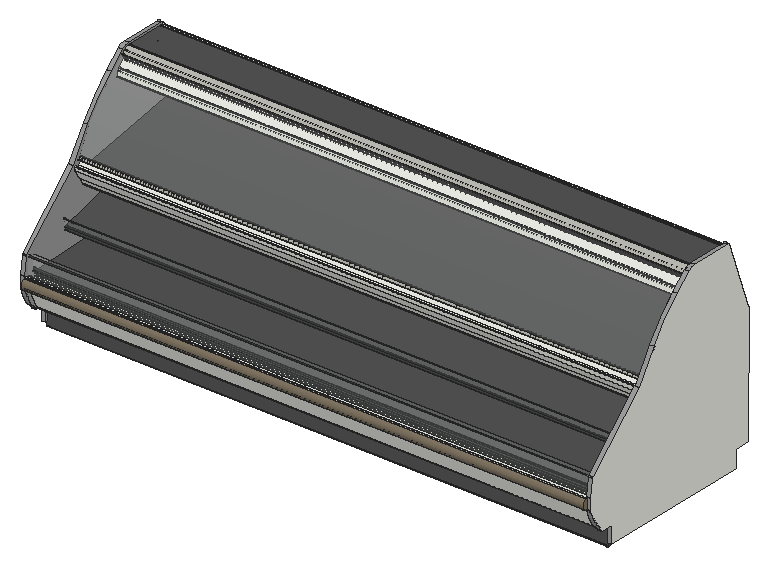
Revit family "CR3-M_2014", category Specialty Equipment, Revit 2014 (continued)
Automatic sketch dimensions
  Extrusion 4 sketch curve to Extrusion 4 sketch curve = 0.094"
  plane 1 "Back" to Extrusion 4 sketch curve = 5.35709"
  plane 3 "Top" to Extrusion 4 sketch curve = 2.81137"
  Extrusion 4 sketch curve to Extrusion 4 sketch curve = 0.05499"
  Extrusion 4 sketch curve to Extrusion 4 sketch curve = 0.30164"
  Extrusion 4 sketch curve to Extrusion 4 sketch curve = 0.16454"
  Extrusion 4 sketch curve to Extrusion 4 sketch curve = 0.02668"  (x3)
  plane 3 "Top" to Extrusion 4 sketch curve = 0.09328"
  Extrusion 4 sketch curve to Extrusion 4 sketch curve = 0.94638"
  Extrusion 4 sketch curve to plane 3 "Top" = 0.10543"
  Extrusion 4 sketch curve to Extrusion 4 sketch curve = 0.28379"
  plane 3 "Top" to Extrusion 4 sketch curve = 3.43393"  (x2)
  Extrusion 4 sketch curve to Extrusion 4 sketch curve = 1.28523"
  Extrusion 4 sketch curve to plane 3 "Top" = 0.01343"
  Extrusion 4 sketch curve to Extrusion 4 sketch curve = 0.58404"
  Extrusion 4 sketch curve to Extrusion 4 sketch curve = 0.36"
  Extrusion 4 sketch curve to Extrusion 4 sketch curve = 0.078"
  Extrusion 4 sketch curve to Extrusion 4 sketch curve = 0.99303"
  Extrusion 4 sketch curve to Extrusion 4 sketch curve = 0.10921"
  plane 3 "Top" to Extrusion 4 sketch curve = 3.03274"
  Extrusion 4 sketch curve to Extrusion 4 sketch curve = 0.0733"  (x4)
  plane 3 "Top" to Extrusion 4 sketch curve = 2.99773"
  Extrusion 4 sketch curve to Extrusion 4 sketch curve = 0.12674"
  plane 3 "Top" to Extrusion 4 sketch curve = 3.07661"
  Extrusion 4 sketch curve to Extrusion 4 sketch curve = 0.00383"
  plane 3 "Top" to Extrusion 4 sketch curve = 2.99595"
  Extrusion 4 sketch curve to Extrusion 4 sketch curve = 0.13143"
  Extrusion 4 sketch curve to Extrusion 4 sketch curve = 0.16815"
  plane 3 "Top" to Extrusion 4 sketch curve = 3.45906"
  Extrusion 4 sketch curve to Extrusion 4 sketch curve = 0.09297"
  Extrusion 4 sketch curve to Extrusion 4 sketch curve = 0.21505"
  Extrusion 4 sketch curve to Extrusion 4 sketch curve = 0.57523"
  plane 3 "Top" to Extrusion 4 sketch curve = 5.61685"
  Extrusion 4 sketch curve to Extrusion 4 sketch curve = 0.07283"
  Extrusion 4 sketch curve to Extrusion 4 sketch curve = 0.39425"
  Extrusion 4 sketch curve to Extrusion 4 sketch curve = 0.25315"
  Extrusion 4 sketch curve to Extrusion 4 sketch curve = 1.4963"
  Extrusion 4 sketch curve to Extrusion 4 sketch curve = 10.83904"
  Extrusion 4 sketch curve to Extrusion 4 sketch curve = 5.63256"
  plane 3 "Top" to Extrusion 4 sketch curve = 6.64353"
  Extrusion 4 sketch curve to Extrusion 4 sketch curve = 0.39943"
  plane 3 "Top" to Extrusion 4 sketch curve = 0.34572"
  Extrusion 4 sketch curve to Extrusion 4 sketch curve = 1.07272"
  plane 3 "Top" to Extrusion 4 sketch curve = 5.63104"
  Extrusion 4 sketch curve to Extrusion 4 sketch curve = 1.75628"
  Extrusion 4 sketch curve to Extrusion 4 sketch curve = 0.96014"
  plane 3 "Top" to Extrusion 4 sketch curve = 5.09665"
  Extrusion 4 sketch curve to Extrusion 4 sketch curve = 0.31787"
  Extrusion 4 sketch curve to Extrusion 4 sketch curve = 0.08586"
  Extrusion 4 sketch curve to Extrusion 4 sketch curve = 0.09299"
  Extrusion 4 sketch curve to Extrusion 4 sketch curve = 0.34287"
  plane 3 "Top" to Extrusion 4 sketch curve = 2.8629"
  Extrusion 4 sketch curve to Extrusion 4 sketch curve = 0.00169"
  Extrusion 4 sketch curve to Extrusion 4 sketch curve = 3.46413"
  Extrusion 4 sketch curve to Extrusion 4 sketch curve = 0.1985"
  Extrusion 4 sketch curve to Extrusion 4 sketch curve = 0.39567"
  Extrusion 4 sketch curve to Extrusion 4 sketch curve = 0.02615"
  Extrusion 4 sketch curve to Extrusion 4 sketch curve = 0.09454"
  Extrusion 4 sketch curve to Extrusion 4 sketch curve = 0.9635"
  Extrusion 4 sketch curve to Extrusion 4 sketch curve = 0.55307"
  Extrusion 4 sketch curve to Extrusion 4 sketch curve = 0.22491"
  level to Extrusion 4 sketch curve = 7.60758"
  Extrusion 4 sketch curve to Extrusion 4 sketch curve = 1.08831"
  Extrusion 4 sketch curve to Extrusion 4 sketch curve = 0.96365"
  plane 3 "Top" to Extrusion 4 sketch curve = 3.963"
  Extrusion 4 sketch curve to Extrusion 4 sketch curve = 0.66947"
  Extrusion 4 sketch curve to Extrusion 4 sketch curve = 0.29278"
  Extrusion 4 sketch curve to Extrusion 4 sketch curve = 0.03128"
  plane 3 "Top" to Extrusion 4 sketch curve = 3.8676"
  Extrusion 4 sketch curve to Extrusion 4 sketch curve = 0.06541"  (x3)
  Extrusion 4 sketch curve to Extrusion 4 sketch curve = 0.08373"
  Extrusion 4 sketch curve to Extrusion 4 sketch curve = 0.01755"
  plane 3 "Top" to Extrusion 4 sketch curve = 4.1655"
  Extrusion 4 sketch curve to Extrusion 4 sketch curve = 0.0336"
  Extrusion 4 sketch curve to Extrusion 4 sketch curve = 0.06279"
  plane 3 "Top" to Extrusion 4 sketch curve = 5.443"
  Extrusion 4 sketch curve to Extrusion 4 sketch curve = 0.34454"
  plane 3 "Top" to Extrusion 4 sketch curve = 5.43364"
  Extrusion 4 sketch curve to Extrusion 4 sketch curve = 0.03373"
  plane 3 "Top" to Extrusion 4 sketch curve = 5.76495"
  plane 3 "Top" to Extrusion 4 sketch curve = 5.7556"
  Extrusion 4 sketch curve to Extrusion 4 sketch curve = 0.02891"
  plane 3 "Top" to Extrusion 4 sketch curve = 5.73981"
  Extrusion 4 sketch curve to Extrusion 4 sketch curve = 0.02898"
  plane 3 "Top" to Extrusion 4 sketch curve = 5.73076"
  Extrusion 4 sketch curve to Extrusion 4 sketch curve = 2.4815"
  Extrusion 4 sketch curve to Extrusion 4 sketch curve = 0.13688"
  Extrusion 4 sketch curve to Extrusion 4 sketch curve = 11/64"
  Extrusion 4 sketch curve to Extrusion 4 sketch curve = 0.04029"
  Extrusion 4 sketch curve to Extrusion 4 sketch curve = 0.06467"
  Extrusion 4 sketch curve to Extrusion 4 sketch curve = 0.06385"
  Extrusion 4 sketch curve to Extrusion 4 sketch curve = 1.13746"
  Extrusion 4 sketch curve to Extrusion 4 sketch curve = 4.3775"
  Extrusion 4 sketch curve to Extrusion 4 sketch curve = 0.01645"
  Extrusion 4 sketch curve to Extrusion 4 sketch curve = 0.4502"
  Extrusion 4 sketch curve to Extrusion 4 sketch curve = 0.00259"
  Extrusion 4 sketch curve to Extrusion 4 sketch curve = 0.05031"
  Extrusion 4 sketch curve to Extrusion 4 sketch curve = 0.01129"  (x5)
  Extrusion 4 sketch curve to Extrusion 4 sketch curve = 1.65387"
  Extrusion 4 sketch curve to Extrusion 4 sketch curve = 0.0325"  (x3)
  Extrusion 4 sketch curve to Extrusion 4 sketch curve = 1.22799"
  Extrusion 4 sketch curve to Extrusion 4 sketch curve = 0.00521"  (x2)
  Extrusion 4 sketch curve to Extrusion 4 sketch curve = 0.09662"  (x2)
  Extrusion 4 sketch curve to Extrusion 4 sketch curve = 0.83717"
  Extrusion 4 sketch curve to Extrusion 4 sketch curve = 1.59722"
  Extrusion 4 sketch curve to Extrusion 4 sketch curve = 0.87601"
  Extrusion 4 sketch curve to Extrusion 4 sketch curve = 0.08357"
  Extrusion 4 sketch curve to Extrusion 4 sketch curve = 0.02379"  (x2)
  Extrusion 4 sketch curve to Extrusion 4 sketch curve = 0.17499"
  Extrusion 4 sketch curve to Extrusion 4 sketch curve = 0.015"  (x4)
  Extrusion 4 sketch curve to Extrusion 4 sketch curve = 0.02598"
  Extrusion 4 sketch curve to Extrusion 4 sketch curve = 2.12313"
  Extrusion 4 sketch curve to Extrusion 4 sketch curve = 0.01904"
  Extrusion 4 sketch curve to Extrusion 4 sketch curve = 0.83568"
  Extrusion 4 sketch curve to Extrusion 4 sketch curve = 0.05629"  (x2)
  Extrusion 4 sketch curve to Extrusion 4 sketch curve = 0.15029"
  Extrusion 4 sketch curve to Extrusion 4 sketch curve = 0.03754"
  Extrusion 4 sketch curve to Extrusion 4 sketch curve = 0.49339"  (x2)
  Extrusion 4 sketch curve to Extrusion 4 sketch curve = 0.04596"
  Extrusion 4 sketch curve to Extrusion 4 sketch curve = 0.05157"
  Extrusion 4 sketch curve to Extrusion 4 sketch curve = 0.87159"
  Extrusion 4 sketch curve to Extrusion 4 sketch curve = 0.06189"
  Extrusion 4 sketch curve to Extrusion 4 sketch curve = 1.66598"
  Extrusion 4 sketch curve to Extrusion 4 sketch curve = 0.75885"
  Extrusion 4 sketch curve to Extrusion 4 sketch curve = 0.01798"
  Extrusion 4 sketch curve to Extrusion 4 sketch curve = 0.7957"
  Extrusion 4 sketch curve to Extrusion 4 sketch curve = 0.21178"
  Extrusion 4 sketch curve to Extrusion 4 sketch curve = 0.02642"
  Extrusion 4 sketch curve to Extrusion 4 sketch curve = 0.06333"
  plane 5 "Front" to Extrusion 4 sketch curve = 6.06739"
  Extrusion 4 sketch curve to Extrusion 4 sketch curve = 0.05811"
  Extrusion 4 sketch curve to Extrusion 4 sketch curve = 1/16"
  Extrusion 4 sketch curve to Extrusion 4 sketch curve = 0.00996"
  Extrusion 4 sketch curve to Extrusion 4 sketch curve = 0.06037"
  Extrusion 4 sketch curve to Extrusion 4 sketch curve = 0.345"  (x2)
  Extrusion 4 sketch curve to Extrusion 4 sketch curve = 0.72585"
  Extrusion 4 sketch curve to Extrusion 4 sketch curve = 0.002"
  Extrusion 4 sketch curve to Extrusion 4 sketch curve = 0.07433"
  Extrusion 4 sketch curve to Extrusion 4 sketch curve = 0.05894"
  Extrusion 4 sketch curve to Extrusion 4 sketch curve = 0.942"
  Extrusion 4 sketch curve to Extrusion 4 sketch curve = 0.437"
  Extrusion 4 sketch curve to Extrusion 4 sketch curve = 1.30099"
  Extrusion 4 sketch curve to Extrusion 4 sketch curve = 0.321"  (x2)
  Extrusion 4 sketch curve to Extrusion 4 sketch curve = 0.3835"
  Extrusion 4 sketch curve to Extrusion 4 sketch curve = 0.33171"
  Extrusion 4 sketch curve to Extrusion 4 sketch curve = 0.48743"
  Extrusion 4 sketch curve to Extrusion 4 sketch curve = 0.0925"  (x2)
  Extrusion 4 sketch curve to Extrusion 4 sketch curve = 0.71176"
  Extrusion 4 sketch curve to Extrusion 4 sketch curve = 0.95999"
  Extrusion 4 sketch curve to Extrusion 4 sketch curve = 0.0605"
  Extrusion 4 sketch curve to Extrusion 4 sketch curve = 0.136"
  Extrusion 4 sketch curve to Extrusion 4 sketch curve = 0.70692"
  Extrusion 4 sketch curve to Extrusion 4 sketch curve = 0.92046"
  Extrusion 4 sketch curve to Extrusion 4 sketch curve = 1.6225"
  Extrusion 4 sketch curve to Extrusion 4 sketch curve = 0.57125"
  Extrusion 4 sketch curve to Extrusion 4 sketch curve = 0.18131"
  Extrusion 4 sketch curve to Extrusion 4 sketch curve = 0.02229"
  Extrusion 4 sketch curve to Extrusion 4 sketch curve = 0.92417"
  Extrusion 4 sketch curve to Extrusion 4 sketch curve = 2.51608"
  Extrusion 4 sketch curve to Extrusion 4 sketch curve = 0.234"
  Extrusion 4 sketch curve to Extrusion 4 sketch curve = 3.88125"
  Extrusion 4 sketch curve to Extrusion 4 sketch curve = 0.91209"
  Extrusion 4 sketch curve to Extrusion 4 sketch curve = 0.01618"
  Extrusion 4 sketch curve to Extrusion 4 sketch curve = 0.11688"
  Extrusion 4 sketch curve to Extrusion 4 sketch curve = 1.62375"
  Extrusion 4 sketch curve to Extrusion 4 sketch curve = 0.49188"
  Extrusion 4 sketch curve to Extrusion 4 sketch curve = 0.062"
  Extrusion 4 sketch curve to Extrusion 4 sketch curve = 0.59641"
  Extrusion 4 sketch curve to Extrusion 4 sketch curve = 0.371"
  Extrusion 4 sketch curve to Extrusion 4 sketch curve = 0.24458"
  Extrusion 4 sketch curve to Extrusion 4 sketch curve = 12.25814"
  Extrusion 4 sketch curve to Extrusion 4 sketch curve = 0.00656"
  Extrusion 4 sketch curve to Extrusion 4 sketch curve = 0.39739"
  Extrusion 4 sketch curve to Extrusion 4 sketch curve = 0.32348"
  Extrusion 4 sketch curve to Extrusion 4 sketch curve = 0.40266"
  Extrusion 4 sketch curve to Extrusion 4 sketch curve = 2.20453"
  Extrusion 4 sketch curve to Extrusion 4 sketch curve = 0.96558"
  Extrusion 4 sketch curve to Extrusion 4 sketch curve = 0.00552"
  Extrusion 4 sketch curve to Extrusion 4 sketch curve = 0.00871"
  Extrusion 4 sketch curve to Extrusion 4 sketch curve = 0.2278"
  Extrusion 4 sketch curve to Extrusion 4 sketch curve = 0.43171"
  Extrusion 4 sketch curve to Extrusion 4 sketch curve = 0.48256"
  Extrusion 4 sketch curve to Extrusion 4 sketch curve = 0.21425"
  Extrusion 4 sketch curve to Extrusion 4 sketch curve = 0.2033"
  Extrusion 4 sketch curve to Extrusion 4 sketch curve = 0.10971"
  Extrusion 4 sketch curve to Extrusion 4 sketch curve = 1.49484"
  Extrusion 4 sketch curve to Extrusion 4 sketch curve = 0.03573"
  Extrusion 4 sketch curve to Extrusion 4 sketch curve = 1.57639"
  Extrusion 4 sketch curve to Extrusion 4 sketch curve = 2.55901"
  Extrusion 4 sketch curve to Extrusion 4 sketch curve = 2.10033"
  Extrusion 4 sketch curve to Extrusion 4 sketch curve = 0.18997"
  Extrusion 4 sketch curve to Extrusion 4 sketch curve = 0.02468"
  Extrusion 4 sketch curve to Extrusion 4 sketch curve = 0.1215"
  Extrusion 4 sketch curve to Extrusion 4 sketch curve = 0.02433"
  Extrusion 4 sketch curve to Extrusion 4 sketch curve = 0.27401"
  Extrusion 4 sketch curve to Extrusion 4 sketch curve = 0.45308"
  Extrusion 4 sketch curve to Extrusion 4 sketch curve = 0.53668"
  Extrusion 4 sketch curve to Extrusion 4 sketch curve = 2.0894"
  Extrusion 4 sketch curve to Extrusion 4 sketch curve = 0.71345"
  Extrusion 4 sketch curve to Extrusion 4 sketch curve = 0.15642"
  Extrusion 4 sketch curve to Extrusion 4 sketch curve = 0.37047"
  Extrusion 4 sketch curve to Extrusion 4 sketch curve = 0.04042"
  Extrusion 4 sketch curve to Extrusion 4 sketch curve = 0.07403"
  Extrusion 4 sketch curve to Extrusion 4 sketch curve = 0.70129"
  Extrusion 4 sketch curve to Extrusion 4 sketch curve = 0.03957"
  Extrusion 4 sketch curve to Extrusion 4 sketch curve = 4.44465"
  Extrusion 4 sketch curve to Extrusion 4 sketch curve = 0.01077"
  Extrusion 4 sketch curve to Extrusion 4 sketch curve = 119/256"
  Extrusion 4 sketch curve to Extrusion 4 sketch curve = 0.0054"
  Extrusion 4 sketch curve to Extrusion 4 sketch curve = 0.11679"
  Extrusion 4 sketch curve to Extrusion 4 sketch curve = 0.00402"
  Extrusion 4 sketch curve to Extrusion 4 sketch curve = 0.12516"
  Extrusion 4 sketch curve to Extrusion 4 sketch curve = 0.07006"
  Extrusion 4 sketch curve to Extrusion 4 sketch curve = 0.5022"
  Extrusion 4 sketch curve to Extrusion 4 sketch curve = 0.30902"
  Extrusion 4 sketch curve to Extrusion 4 sketch curve = 1.29255"
  Extrusion 4 sketch curve to Extrusion 4 sketch curve = 0.05975"
  Extrusion 4 sketch curve to Extrusion 4 sketch curve = 0.38356"
  Extrusion 4 sketch curve to Extrusion 4 sketch curve = 0.12226"
  Extrusion 4 sketch curve to Extrusion 4 sketch curve = 0.58074"
  Extrusion 4 sketch curve to Extrusion 4 sketch curve = 0.1275"
  Extrusion 4 sketch curve to Extrusion 4 sketch curve = 0.01682"
  Extrusion 4 sketch curve to Extrusion 4 sketch curve = 0.00295"
  Extrusion 4 sketch curve to Extrusion 4 sketch curve = 0.00176"
  Extrusion 4 sketch curve to Extrusion 4 sketch curve = 0.06381"
  Extrusion 4 sketch curve to Extrusion 4 sketch curve = 0.15477"
  Extrusion 4 sketch curve to Extrusion 4 sketch curve = 0.00759"
  Extrusion 4 sketch curve to Extrusion 4 sketch curve = 0.04499"
  Extrusion 4 sketch curve to Extrusion 4 sketch curve = 0.22824"
  Extrusion 4 sketch curve to Extrusion 4 sketch curve = 0.50144"
  Extrusion 4 sketch curve to Extrusion 4 sketch curve = 0.00074"
  Extrusion 4 sketch curve to Extrusion 4 sketch curve = 0.03597"
  Extrusion 4 sketch curve to Extrusion 4 sketch curve = 0.0059"
  Extrusion 4 sketch curve to Extrusion 4 sketch curve = 0.01002"
  Extrusion 4 sketch curve to Extrusion 4 sketch curve = 0.19181"
  Extrusion 4 sketch curve to Extrusion 4 sketch curve = 0.00194"
  plane 3 "Top" to Extrusion 4 sketch curve = 6.83318"
  Extrusion 4 sketch curve to Extrusion 4 sketch curve = 0.00138"
  Extrusion 4 sketch curve to Extrusion 4 sketch curve = 0.11157"
  Extrusion 4 sketch curve to Extrusion 4 sketch curve = 0.00861"
  Extrusion 4 sketch curve to Extrusion 4 sketch curve = 0.00489"
  Extrusion 4 sketch curve to Extrusion 4 sketch curve = 0.31751"
  Extrusion 4 sketch curve to Extrusion 4 sketch curve = 0.00042"
  Extrusion 4 sketch curve to Extrusion 4 sketch curve = 0.03852"
  plane 3 "Top" to Extrusion 4 sketch curve = 2.44542"
  Extrusion 4 sketch curve to Extrusion 4 sketch curve = 0.15347"
  Extrusion 4 sketch curve to Extrusion 4 sketch curve = 0.00325"
  Extrusion 4 sketch curve to Extrusion 4 sketch curve = 0.23579"
  Extrusion 4 sketch curve to Extrusion 4 sketch curve = 0.00465"
  Extrusion 4 sketch curve to Extrusion 4 sketch curve = 0.00004"
  Extrusion 4 sketch curve to Extrusion 4 sketch curve = 0.30773"
  Extrusion 4 sketch curve to Extrusion 4 sketch curve = 0.51594"
  Extrusion 4 sketch curve to Extrusion 4 sketch curve = 0.013"
  plane 1 "Back" to Extrusion 13 sketch curve = 4.20791"
  Extrusion 13 sketch curve to Extrusion 13 sketch curve = 0.25088"
  plane 3 "Top" to Extrusion 13 sketch curve = 16.91654"
  Extrusion 13 sketch curve to Extrusion 13 sketch curve = 0.02625"
  Extrusion 13 sketch curve to Extrusion 13 sketch curve = 0.04547"
  Extrusion 13 sketch curve to Extrusion 13 sketch curve = 0.02273"
  Extrusion 13 sketch curve to Extrusion 13 sketch curve = 0.14549"
  Extrusion 13 sketch curve to Extrusion 13 sketch curve = 0.00428"
  Extrusion 13 sketch curve to Extrusion 13 sketch curve = 0.018"
  Extrusion 13 sketch curve to Extrusion 13 sketch curve = 0.02696"
  Extrusion 13 sketch curve to Extrusion 13 sketch curve = 0.00554"
  Extrusion 13 sketch curve to Extrusion 13 sketch curve = 0.02485"
  Extrusion 13 sketch curve to Extrusion 13 sketch curve = 0.03144"
  Extrusion 13 sketch curve to Extrusion 13 sketch curve = 0.01683"
  Extrusion 13 sketch curve to Extrusion 13 sketch curve = 0.17222"
  Extrusion 13 sketch curve to Extrusion 13 sketch curve = 0.00608"
  Extrusion 13 sketch curve to Extrusion 13 sketch curve = 0.00521"
  Extrusion 13 sketch curve to Extrusion 13 sketch curve = 0.02954"
  Extrusion 13 sketch curve to Extrusion 13 sketch curve = 0.06091"
  Extrusion 13 sketch curve to Extrusion 13 sketch curve = 0.0715"
  Extrusion 13 sketch curve to Extrusion 13 sketch curve = 0.13241"
  Extrusion 13 sketch curve to Extrusion 13 sketch curve = 0.02737"
  Extrusion 13 sketch curve to Extrusion 13 sketch curve = 0.11822"
  Extrusion 13 sketch curve to Extrusion 13 sketch curve = 0.00712"
  Extrusion 13 sketch curve to Extrusion 13 sketch curve = 0"  (x2)
  Extrusion 13 sketch curve to Extrusion 13 sketch curve = 0.03194"  (x2)
  Extrusion 13 sketch curve to Extrusion 13 sketch curve = 0.09273"
  Extrusion 13 sketch curve to Extrusion 13 sketch curve = 0.01432"
  Extrusion 13 sketch curve to Extrusion 13 sketch curve = 4.35206"
  Extrusion 11 sketch curve to Extrusion 11 sketch curve = 0"  (x4)
  plane 5 "Front" to Extrusion 11 sketch curve = 18.14405"
  Extrusion 11 sketch curve to Extrusion 11 sketch curve = 0.03497"
  Extrusion 11 sketch curve to Extrusion 11 sketch curve = 0.05701"
  Extrusion 11 sketch curve to Extrusion 11 sketch curve = 0.00068"
  Extrusion 11 sketch curve to Extrusion 11 sketch curve = 0.26341"
  Extrusion 11 sketch curve to Extrusion 11 sketch curve = 0.23131"
  Extrusion 11 sketch curve to Extrusion 11 sketch curve = 0.02234"
  Extrusion 11 sketch curve to Extrusion 11 sketch curve = 0.001"
  Extrusion 11 sketch curve to Extrusion 11 sketch curve = 0.05816"
  Extrusion 11 sketch curve to Extrusion 11 sketch curve = 0.05649"
  Extrusion 11 sketch curve to Extrusion 11 sketch curve = 0.01279"
  Extrusion 11 sketch curve to Extrusion 11 sketch curve = 0.05749"
  Extrusion 11 sketch curve to Extrusion 11 sketch curve = 0.02271"
  Extrusion 11 sketch curve to Extrusion 11 sketch curve = 0.05103"
  Extrusion 11 sketch curve to Extrusion 11 sketch curve = 0.06982"
  Extrusion 11 sketch curve to Extrusion 11 sketch curve = 0.05319"
  Extrusion 11 sketch curve to Extrusion 11 sketch curve = 0.02085"
  Extrusion 11 sketch curve to Extrusion 11 sketch curve = 0.24863"
  Extrusion 11 sketch curve to Extrusion 11 sketch curve = 0.01136"
  Extrusion 11 sketch curve to Extrusion 11 sketch curve = 0.10181"
  Extrusion 11 sketch curve to Extrusion 11 sketch curve = 0.01343"
  Extrusion 11 sketch curve to Extrusion 11 sketch curve = 0.17617"
  Extrusion 11 sketch curve to Extrusion 11 sketch curve = 0.0652"
  Extrusion 11 sketch curve to Extrusion 11 sketch curve = 0.13275"
  plane 3 "Top" to Extrusion 11 sketch curve = 1.39988"
  plane 1 "Back" to Extrusion 11 sketch curve = 19.25227"
  Extrusion 11 sketch curve to Extrusion 11 sketch curve = 0.00868"
  plane 3 "Top" to Extrusion 11 sketch curve = 1.7342"
  Extrusion 11 sketch curve to Extrusion 11 sketch curve = 0.16803"
  plane 3 "Top" to Extrusion 11 sketch curve = 1.65126"
  Extrusion 11 sketch curve to Extrusion 11 sketch curve = 0.01477"
  Extrusion 11 sketch curve to Extrusion 11 sketch curve = 0.04814"
  plane 3 "Top" to Extrusion 11 sketch curve = 1.82963"
  Extrusion 11 sketch curve to Extrusion 11 sketch curve = 0.06782"
  Extrusion 11 sketch curve to Extrusion 11 sketch curve = 0.01605"
  plane 3 "Top" to Extrusion 11 sketch curve = 1.83427"
  Extrusion 11 sketch curve to Extrusion 11 sketch curve = 0.0114"
  plane 3 "Top" to Extrusion 11 sketch curve = 1.72551"
  Extrusion 11 sketch curve to Extrusion 11 sketch curve = 0.15304"
  plane 3 "Top" to Extrusion 11 sketch curve = 2.07085"
  Extrusion 11 sketch curve to Extrusion 11 sketch curve = 0.19743"
  plane 3 "Top" to Extrusion 11 sketch curve = 0.95506"
  Extrusion 11 sketch curve to Extrusion 11 sketch curve = 0.63056"
  plane 3 "Top" to Extrusion 11 sketch curve = 1.31666"
  Extrusion 11 sketch curve to Extrusion 11 sketch curve = 0.03225"
  plane 3 "Top" to Extrusion 11 sketch curve = 1.09622"
  Extrusion 11 sketch curve to Extrusion 11 sketch curve = 0.11384"
  plane 3 "Top" to Extrusion 11 sketch curve = 0.86558"
  Extrusion 11 sketch curve to Extrusion 11 sketch curve = 0.12568"
  Extrusion 11 sketch curve to Extrusion 11 sketch curve = 0.02337"
  plane 3 "Top" to Extrusion 11 sketch curve = 1.22956"
  Extrusion 11 sketch curve to Extrusion 11 sketch curve = 0.02224"
  plane 3 "Top" to Extrusion 11 sketch curve = 2.21881"
  Extrusion 11 sketch curve to Extrusion 11 sketch curve = 0.19211"
  plane 3 "Top" to Extrusion 11 sketch curve = 0.97768"
  Extrusion 11 sketch curve to Extrusion 11 sketch curve = 0.04242"
  plane 3 "Top" to Extrusion 11 sketch curve = 1.17426"
  Extrusion 11 sketch curve to Extrusion 11 sketch curve = 0.03209"
  Extrusion 11 sketch curve to Extrusion 11 sketch curve = 0.00324"
  plane 3 "Top" to Extrusion 11 sketch curve = 0.88519"
  Extrusion 11 sketch curve to Extrusion 11 sketch curve = 0.06493"
  Extrusion 11 sketch curve to Extrusion 11 sketch curve = 35/128"
  plane 3 "Top" to Extrusion 11 sketch curve = 0.97232"
  Extrusion 11 sketch curve to Extrusion 11 sketch curve = 0.05977"
  Extrusion 11 sketch curve to Extrusion 11 sketch curve = 0.74659"
  plane 3 "Top" to Extrusion 11 sketch curve = 0.07037"
  Extrusion 11 sketch curve to Extrusion 11 sketch curve = 0.92962"
  Extrusion 11 sketch curve to plane 3 "Top" = 0.04115"
  Extrusion 11 sketch curve to Extrusion 11 sketch curve = 0.21146"
  Extrusion 11 sketch curve to Extrusion 11 sketch curve = 0.0781"
  Extrusion 11 sketch curve to Extrusion 11 sketch curve = 0.08006"
  Extrusion 11 sketch curve to Extrusion 11 sketch curve = 0.02165"
  Extrusion 11 sketch curve to Extrusion 11 sketch curve = 0.06791"
  Extrusion 11 sketch curve to Extrusion 11 sketch curve = 0.15832"
  plane 3 "Top" to Extrusion 11 sketch curve = 0.34572"
  Extrusion 11 sketch curve to Extrusion 11 sketch curve = 0.08217"
  Extrusion 11 sketch curve to Extrusion 11 sketch curve = 0.32732"
  Extrusion 11 sketch curve to Extrusion 11 sketch curve = 0.01637"
  Extrusion 11 sketch curve to plane 1 "Back" = 4.38285"
  Extrusion 11 sketch curve to Extrusion 11 sketch curve = 0.20997"
  plane 3 "Top" to Extrusion 11 sketch curve = 18.80828"
  Extrusion 11 sketch curve to Extrusion 11 sketch curve = 0.0229"
  Extrusion 11 sketch curve to Extrusion 11 sketch curve = 0.10169"
  Extrusion 11 sketch curve to Extrusion 11 sketch curve = 0.02884"
  Extrusion 11 sketch curve to Extrusion 11 sketch curve = 0.06024"
  Extrusion 11 sketch curve to Extrusion 11 sketch curve = 0.04023"
  Extrusion 11 sketch curve to Extrusion 11 sketch curve = 0.25707"
  Extrusion 11 sketch curve to Extrusion 11 sketch curve = 0.02688"
  Extrusion 11 sketch curve to Extrusion 11 sketch curve = 0.05327"
  Extrusion 11 sketch curve to Extrusion 11 sketch curve = 0.02245"
  Extrusion 11 sketch curve to Extrusion 11 sketch curve = 0.00027"
  Extrusion 11 sketch curve to Extrusion 11 sketch curve = 0.05422"
  Extrusion 11 sketch curve to Extrusion 11 sketch curve = 0.09285"
  Extrusion 11 sketch curve to Extrusion 11 sketch curve = 0.04609"
  Extrusion 11 sketch curve to Extrusion 11 sketch curve = 0.03447"
  Extrusion 11 sketch curve to Extrusion 11 sketch curve = 0.00846"
  Extrusion 11 sketch curve to Extrusion 11 sketch curve = 0.0021"
  Extrusion 11 sketch curve to Extrusion 11 sketch curve = 0.03168"
  Extrusion 11 sketch curve to Extrusion 11 sketch curve = 0.0384"
  Extrusion 11 sketch curve to Extrusion 11 sketch curve = 0.22693"
  Extrusion 11 sketch curve to Extrusion 11 sketch curve = 0.00749"
  Extrusion 11 sketch curve to Extrusion 11 sketch curve = 0.09452"
  Extrusion 11 sketch curve to Extrusion 11 sketch curve = 0.03351"
  plane 3 "Top" to Extrusion 11 sketch curve = 0.46482"
  Extrusion 11 sketch curve to Extrusion 11 sketch curve = 0.11476"
  Extrusion 11 sketch curve to Extrusion 11 sketch curve = 0.06815"
  Extrusion 14 sketch curve to Extrusion 14 sketch curve = 0"  (x2)
  plane 5 "Front" to Extrusion 14 sketch curve = 18.20106"
  Extrusion 14 sketch curve to Extrusion 14 sketch curve = 0.23262"
  Extrusion 14 sketch curve to plane 1 "Back" = 4.36059"
  level to Extrusion 14 sketch curve = 19.21683"
  plane 3 "Top" to Extrusion 14 sketch curve = 19.59132"
  Extrusion 14 sketch curve to Extrusion 14 sketch curve = 0.09159"
  plane 3 "Top" to Extrusion 14 sketch curve = 0.9955"
  Extrusion 14 sketch curve to Extrusion 14 sketch curve = 0.1428"
  level to Extrusion 39 sketch curve = 1"
  Extrusion 39 sketch curve to Extrusion 39 sketch curve = 3.99034"  (x2)
  Extrusion 39 sketch curve to Extrusion 39 sketch curve = 3/8"  (x2)
  plane 1 "Back" to Extrusion 39 sketch curve = 0.20841"  (x2)
  Extrusion 39 sketch curve to Extrusion 39 sketch curve = 1/4"  (x3)
  Extrusion 39 sketch curve to Extrusion 39 sketch curve = 0.31471"
  plane 5 "Front" to Extrusion 39 sketch curve = 1.24007"
  Extrusion 39 sketch curve to Extrusion 39 sketch curve = 5.78758"
  level to Extrusion 39 sketch curve = 13.13097"
  Extrusion 39 sketch curve to Extrusion 39 sketch curve = 2.51899"
  plane 5 "Front" to Extrusion 39 sketch curve = 2.13046"
  Extrusion 39 sketch curve to Extrusion 39 sketch curve = 7.15987"
  plane 5 "Front" to Extrusion 39 sketch curve = 1.78715"
  Extrusion 39 sketch curve to Extrusion 39 sketch curve = 0.3635"
  Extrusion 39 sketch curve to plane 1 "Back" = 4.36059"
  Extrusion 39 sketch curve to Extrusion 39 sketch curve = 13.60149"
  Extrusion 39 sketch curve to Extrusion 39 sketch curve = 17.3473"
  Extrusion 39 sketch curve to Extrusion 39 sketch curve = 0.07517"
  Extrusion 39 sketch curve to Extrusion 39 sketch curve = 0.19746"
  plane 3 "Top" to Extrusion 39 sketch curve = 16.82791"
  Extrusion 39 sketch curve to plane 1 "Back" = 0.02652"
  Extrusion 39 sketch curve to Extrusion 39 sketch curve = 7.46966"
  plane 3 "Top" to Extrusion 39 sketch curve = 3.82264"
  plane 3 "Top" to Extrusion 39 sketch curve = 2.68623"
  plane 3 "Top" to Extrusion 39 sketch curve = 0.44842"
  Extrusion 39 sketch curve to plane 3 "Top" = 0.06377"
  Extrusion 39 sketch curve to plane 3 "Top" = 0.14927"
  Extrusion 39 sketch curve to Extrusion 39 sketch curve = 3.40395"
  plane 1 "Back" to Extrusion 39 sketch curve = 6.12155"
  Extrusion 39 sketch curve to Extrusion 39 sketch curve = 10.47932"
  Extrusion 39 sketch curve to Extrusion 39 sketch curve = 3.77915"
  Extrusion 39 sketch curve to Extrusion 39 sketch curve = 4.62645"
  Extrusion 39 sketch curve to Extrusion 39 sketch curve = 0.06132"
  Extrusion 39 sketch curve to Extrusion 39 sketch curve = 9.2809"
  plane 5 "Front" to Extrusion 39 sketch curve = 7.75368"
  Extrusion 39 sketch curve to Extrusion 39 sketch curve = 2.60672"
  Extrusion 39 sketch curve to Extrusion 39 sketch curve = 0.01343"
  Extrusion 39 sketch curve to Extrusion 39 sketch curve = 0.0802"
  Extrusion 39 sketch curve to Extrusion 39 sketch curve = 2 29/32"
  Extrusion 39 sketch curve to Extrusion 39 sketch curve = 0.21081"
  plane 5 "Front" to Extrusion 40 sketch curve = 0.99007"
  Extrusion 40 sketch curve to Extrusion 40 sketch curve = 1/4"
  plane 5 "Front" to Extrusion 40 sketch curve = 1.78715"
  Extrusion 40 sketch curve to Extrusion 40 sketch curve = 0.34332"
  plane 5 "Front" to Extrusion 40 sketch curve = 4.75852"
  Extrusion 40 sketch curve to Extrusion 40 sketch curve = 0.01343"
  Extrusion 40 sketch curve to Extrusion 40 sketch curve = 2.60672"
  level to Extrusion 40 sketch curve = 1"
  Extrusion 40 sketch curve to Extrusion 40 sketch curve = 3/8"  (x2)
  Extrusion 40 sketch curve to Extrusion 40 sketch curve = 7.52115"
  plane 5 "Front" to Extrusion 40 sketch curve = 16.3595"
  Extrusion 40 sketch curve to Extrusion 40 sketch curve = 0.25749"
  Extrusion 40 sketch curve to Extrusion 40 sketch curve = 0.06132"
  Extrusion 40 sketch curve to Extrusion 40 sketch curve = 4.62645"
  Extrusion 40 sketch curve to Extrusion 40 sketch curve = 9.2809"
  plane 3 "Top" to Extrusion 40 sketch curve = 3.82264"
  Extrusion 40 sketch curve to Extrusion 40 sketch curve = 7.45727"
  plane 3 "Top" to Extrusion 40 sketch curve = 0.44842"
  Extrusion 40 sketch curve to Extrusion 40 sketch curve = 3.77915"
  Extrusion 40 sketch curve to Extrusion 40 sketch curve = 1.99804"
  Extrusion 40 sketch curve to plane 3 "Top" = 0.31377"
  plane 1 "Back" to Extrusion 40 sketch curve = 6.35647"
  Extrusion 40 sketch curve to plane 3 "Top" = 0.14927"
  Extrusion 40 sketch curve to Extrusion 40 sketch curve = 0.23492"
  plane 1 "Back" to Extrusion 40 sketch curve = 3.98736"
  plane 1 "Back" to Extrusion 40 sketch curve = 0.20841"  (x2)
  Extrusion 40 sketch curve to plane 1 "Back" = 0.02652"
  Extrusion 40 sketch curve to plane 1 "Back" = 0.04159"
  Extrusion 40 sketch curve to plane 1 "Back" = 4.36059"
  Extrusion 40 sketch curve to Extrusion 40 sketch curve = 3.99034"  (x2)
  Extrusion 40 sketch curve to Extrusion 40 sketch curve = 0.31471"
  Extrusion 40 sketch curve to Extrusion 40 sketch curve = 5.78758"
  level to Extrusion 40 sketch curve = 13.13097"
  Extrusion 40 sketch curve to Extrusion 40 sketch curve = 2 29/32"
  Extrusion 40 sketch curve to Extrusion 40 sketch curve = 2.51899"
  Extrusion 40 sketch curve to Extrusion 40 sketch curve = 4.25364"
  Extrusion 40 sketch curve to Extrusion 40 sketch curve = 0.3635"
  Extrusion 40 sketch curve to Extrusion 40 sketch curve = 13.60149"
  Extrusion 40 sketch curve to Extrusion 40 sketch curve = 7.54483"
  Extrusion 40 sketch curve to Extrusion 40 sketch curve = 0.07517"
  plane 3 "Top" to Extrusion 40 sketch curve = 16.82791"
  Extrusion 40 sketch curve to Extrusion 40 sketch curve = 0"
  Extrusion 1 sketch curve to Extrusion 1 sketch curve = 0"  (x2)
  Extrusion 2 sketch curve to Extrusion 2 sketch curve = 0"
  Extrusion 3 sketch curve to Extrusion 3 sketch curve = 0"
  curve 8 to plane 4 "Left" = 0"
  curve 8 to plane 8 "Right" = 0"
  curve 5 to plane 5 "Front" = 0"
  plane 1 "Back" to curve 1 = 0"
  plane 1 "Back" to curve 4 = 0"
  plane 1 "Back" to curve 2 = 0"
  plane 1 "Back" to curve 3 = 0"
  plane 1 "Back" to curve 5 = 0"
  Extrusion 15 sketch curve to Extrusion 15 sketch curve = 0"  (x3)
  plane 6 "Center (Left/Right)" to Extrusion 15 sketch curve = 5"
Nested families (in)
  nested 1: "Floor Support - Pegs" at (-75.99499, -30.6875, 0), type "Floor Support - Pegs"
  nested 2: "Floor Support - Pegs" at (65.38051, -30.6875, 0), type "Floor Support - Pegs"
  nested 3: "Service Doors - 110deg - 48" at (18.69301, -25.0591, 11.25191), visible <- "12 Case", type "Service Doors - 110deg - 48"
  nested 4: "Light" at (-5.30699, -11.1887, -4.00524), type "Light"
  nested 5: "Light" at (-5.30699, -21.97556, -23.79603), type "Light"
  nested 6: "Light" at (-5.30699, -27.6863, -31.8452), type "Light"
  nested 7: "Service Doors - 110deg - 48" at (-29.30699, -25.0591, 11.25191), visible <- "12 Case", type "Service Doors - 110deg - 48"
  nested 8: "Service Doors - 110deg - 48" at (-77.30699, -25.0591, 11.25191), visible <- "12 Case", type "Service Doors - 110deg - 48"
  nested 9: "Service Doors - 110deg - 48" at (18.69301, -25.0591, 11.25191), visible <- "12 Case", type "Service Doors - 110deg - 48", not visible
  nested 10: "Service Doors - 110deg - 48" at (-29.30699, -25.0591, 11.25191), visible <- "12 Case", type "Service Doors - 110deg - 48", not visible
  nested 11: "Service Doors - 110deg - 48" at (-77.30699, -25.0591, 11.25191), visible <- "12 Case", type "Service Doors - 110deg - 48", not visible
  nested 12: "Service Doors - 110deg - 48" at (-29.30699, -25.0591, 11.25191), visible <- "8 Case", type "Service Doors - 110deg - 48"
  nested 13: "Service Doors - 110deg - 48" at (-77.30699, -25.0591, 11.25191), visible <- "8 Case", type "Service Doors - 110deg - 48"
  nested 14: "Service Doors - 110deg - 48" at (-29.30699, -25.0591, 11.25191), visible <- "8 Case", type "Service Doors - 110deg - 48", not visible
  nested 15: "Service Doors - 110deg - 48" at (-77.30699, -25.0591, 11.25191), visible <- "8 Case", type "Service Doors - 110deg - 48", not visible
  nested 16: "Service Doors - 110deg - 48" at (-77.30699, -25.0591, 11.25191), visible <- "4 Case", type "Service Doors - 110deg - 48"
  nested 17: "Service Doors - 110deg - 48" at (-77.30699, -25.0591, 11.25191), visible <- "4 Case", type "Service Doors - 110deg - 48", not visible
  nested 18: "Service Doors - 110deg - 72" at (-77.30699, -25.0591, 11.25191), visible <- "6 Case", type "Service Doors - 110deg - 72"
  nested 19: "Service Doors - 110deg - 72" at (-72.99499, -14.67418, 0), visible <- "6 Case", type "Service Doors - 110deg - 72", not visible
  nested 20: "Sliding Doors" at (-77.30699, -0.27157, 7.54708), type "Sliding Doors"
  nested 21: "Shelf Braket - 02" at (-75.99499, -21.46057, 19.51458), type "Shelf Braket - 02"
  nested 22: "Shelf Braket - 02" at (65.38051, -21.46057, 19.51458), type "Shelf Braket - 02"
  nested 23: "Light" at (-5.30699, 0.84005, -2.48334), type "Light"
  nested 24: "Floor Support - Pegs" at (-28.86982, -30.6875, 0), type "Floor Support - Pegs"
  nested 25: "Shelf Braket - 02" at (-28.86982, -21.46057, 19.51458), type "Shelf Braket - 02"
  nested 26: "Floor Support - Pegs" at (18.25535, -30.6875, 0), type "Floor Support - Pegs"
  nested 27: "Shelf Braket - 02" at (18.25535, -21.46057, 19.51458), type "Shelf Braket - 02"
Connectors (in)
  piping at (-13.43199, -38.875, 0), diameter 1.5, driven by "Waste Drain"
    settings: on Extrusion 1, index 8, connector inside diameter 1 1/4", connector length 0", flow factor 0, pipe flow 0 GPM, pressure drop 0.00 psi, fitting loss kfactor 0, connector angle 0.00°, fixture units 0, engagement length 0", angle of deflection 0.00°, flow configuration 0, flow direction 0, fitting loss method 0, system type 16, joint type 0, gender type 0, connector reference index -1, connector utility 0, adjustable connector no, is connector primary yes, connector description "1 1/4\""
  piping at (60.38051, -37.125, 0), diameter 0.625, driven by "Refrig. Suction", driven by "Refrigeration Lines Suction"
    settings: on Extrusion 2, index 9, connector inside diameter 7/8", connector length 0", flow factor 0, pipe flow 0 GPM, pressure drop 0.00 psi, fitting loss kfactor 0, connector angle 0.00°, fixture units 0, engagement length 0", angle of deflection 0.00°, flow configuration 0, flow direction 2, fitting loss method 0, system type 22, joint type 0, gender type 0, connector reference index -1, connector utility 0, adjustable connector no, is connector primary no, connector description "Suction"
  piping at (60.88051, -37.125, 0), diameter 0.375, driven by "Refrig. Liquid", driven by "Refrigeration Lines Liquid"
    settings: on Extrusion 3, index 10, connector inside diameter 3/8", connector length 0", flow factor 0, pipe flow 0 GPM, pressure drop 0.00 psi, fitting loss kfactor 0, connector angle 0.00°, fixture units 0, engagement length 0", angle of deflection 0.00°, flow configuration 0, flow direction 1, fitting loss method 0, system type 22, joint type 0, gender type 0, connector reference index -1, connector utility 0, adjustable connector no, is connector primary no, connector description "Liquid"
  piping at (-0.30699, -17.375, 0), diameter 1.5, driven by "Waste Drain"
    settings: on Extrusion 15, index 13, connector inside diameter 1 1/4", connector length 0", flow factor 0, pipe flow 0 GPM, pressure drop 0.00 psi, fitting loss kfactor 0, connector angle 0.00°, fixture units 0, engagement length 0", angle of deflection 0.00°, flow configuration 0, flow direction 0, fitting loss method 0, system type 16, joint type 0, gender type 0, connector reference index -1, connector utility 0, adjustable connector no, is connector primary no, connector description ""
Definition of nested family "Floor Support - Pegs"
  Parameters (values of type "Floor Support - Pegs")
    Leg = Stainless Steel
    Height = 6"
    Depth = 35 3/4"
  Reference planes (in)
    plane 1 "Center (Front/Back)": y = 6.9375
    plane 2: z = 0
    plane 3 "Center (Left/Right)": x = 0
    plane 4: z = 6
    plane 5: y = 24.8125
    plane 6: y = -10.9375
  Forms (in)
    Revolve 1, solid, material "Stainless Steel" <- "Leg"
      sketch origin (0, 0, 0) x (0, 1, 0) y (0, 0, 1)
        loop
          line (-10.9375, 0) -> (-10.4375, 0) -> (-10.4375, 1.00794)
          arc (-10.4375, 1.00794) -> (-10.21653, 1.09947) -> (-10.125, 1.32044) r 0.3125
          line (-10.125, 1.32044) -> (-10.125, 3.375) -> (-10, 3.375) -> (-10, 6) -> (-10.9375, 6) -> (-10.9375, 0)
        axis (-10.9375, 0) -> (-10.9375, 6)
      angle from 0 to 360
    Revolve 2, solid, material "Stainless Steel" <- "Leg"
      sketch origin (0, 35.75, 0) x (0, 1, 0) y (0, 0, 1)
        loop
          line (-10.9375, 0) -> (-10.4375, 0) -> (-10.4375, 1.00794)
          arc (-10.4375, 1.00794) -> (-10.21653, 1.09947) -> (-10.125, 1.32044) r 0.3125
          line (-10.125, 1.32044) -> (-10.125, 3.375) -> (-10, 3.375) -> (-10, 6) -> (-10.9375, 6) -> (-10.9375, 0)
        axis (-10.9375, 0) -> (-10.9375, 6)
      angle from 0 to 360
  Dimensions and locks (in)
    "Height": plane 4 to level
    Revolve 1 sketch curve to Revolve 1 sketch curve = 5/16"
    locked: Revolve 1 sketch curve to Revolve 1 sketch curve at 0.5
    "Depth": plane 6 to plane 5
    equal spacing: plane 6, plane 1 "Center (Front/Back)", plane 5
    plane 4 to Revolve 1 sketch curve = 2 5/8"
    locked: Revolve 1 sketch curve to Revolve 1 sketch curve at 0.125
    Revolve 2 sketch curve to Revolve 2 sketch curve = 5/16"
    locked: Revolve 2 sketch curve to Revolve 2 sketch curve at 0.5
    locked: Revolve 2 sketch curve to Revolve 2 sketch curve at 0.125
    aligned and locked: plane 2 to level
    aligned and locked: Revolve 1 sketch curve to Revolve 1 sketch curve
    aligned and locked: plane 6 to Revolve 1 sketch curve
    aligned and locked: Revolve 2 sketch curve to Revolve 2 sketch curve
    aligned and locked: plane 5 to Revolve 2 sketch curve
  Automatic sketch dimensions
    Revolve 1 sketch curve to level = 0"  (x2)
    Revolve 1 sketch curve to plane 4 = 0"  (x2)
    Revolve 1 sketch curve to Revolve 1 sketch curve = 1.00794"
    Revolve 2 sketch curve to level = 0"  (x2)
    Revolve 2 sketch curve to plane 4 = 0"  (x2)
    level to Revolve 2 sketch curve = 1.00794"
    Revolve 2 sketch curve to Revolve 2 sketch curve = 2.05456"
Definition of nested family "Service Doors - 110deg - 48"
  Parameters (values of type "Service Doors - 110deg - 48")
    Glazing = Glass
    Door Frame = Plastic - 144 Mist Gray
  Reference planes (in)
    plane 1 "Center (Front/Back)": y = 25.29918
    plane 2: z = 0
    plane 3 "Center (Left/Right)": x = 0
  Forms (in)
    Sweep 1, solid, material "Plastic - 144 Mist Gray" <- "Door Frame"
      path in 3D
        loop
          line (48, 19.82686, 39.76221) -> (0, 19.82686, 39.76221) -> (0, 25.29918, 24.72713) -> (48, 25.29918, 24.72713) -> (48, 19.82686, 39.76221)
      profile origin (24, 19.82686, 39.76221) x (0, -0.999433, -0.03367) y (0, -0.03367, 0.999433)
        loop
          line (0.22211, -0.07247) -> (0, 0) -> (-0.46528, -1.42601) -> (1.67266, -2.12358) -> (1.98285, -1.17291) -> (0.08303, -0.55303) -> (0.22211, -0.07247)
    Extrusion 2, solid, material "Plastic - 144 Mist Gray" <- "Door Frame"
      sketch origin (1.5, 18.22664, 37.58351) x (0, 0.34202, -0.939693) y (0, 0.939693, 0.34202)
        loop
          line (0, 0.25) -> (13, 0.25) -> (13, 1.0625) -> (0, 1.0625) -> (0, 0.25)
      from 0 to 23
    Extrusion 3, solid, material "Plastic - 144 Mist Gray" <- "Door Frame"
      sketch origin (46.5, 22.67291, 25.36751) x (0, -0.34202, 0.939693) y (0, 0.939693, 0.34202)
        loop
          line (13, 1.875) -> (0, 1.875) -> (0, 1.0625) -> (13, 1.0625) -> (13, 1.875)
      from 0 to 23
    Extrusion 4, void
      sketch origin (46.5, 16.02328, 49.11934) x (0, -0.34202, 0.939693) y (-1, 0, 0)
        loop
          line (-23.09373, 21.5) -> (-23.09373, 1.5) -> (-13.09373, 1.5) -> (-13.09373, 21.5) -> (-23.09373, 21.5)
      from 0 to 0.8125
    Extrusion 5, void
      sketch origin (1.5, 18.28571, 38.15219) x (0, -0.34202, 0.939693) y (1, 0, 0)
        loop
          line (-2.01418, 21.5) -> (-12.01418, 21.5) -> (-12.01418, 1.5) -> (-2.01418, 1.5) -> (-2.01418, 21.5)
      from 0 to 0.8125
    Extrusion 6, solid, material "Glass" <- "Glazing"
      sketch origin (25, 24.43483, 26.0088) x (0, -0.34202, 0.939693) y (0, -0.939693, -0.34202)
        loop
          line (1.5, 0.1875) -> (13, 0.1875) -> (13, 0.625) -> (1.5, 0.625) -> (1.5, 0.1875)
      from 0 to 20
    Extrusion 7, solid, material "Glass" <- "Glazing"
      sketch origin (23, 18.46157, 37.66902) x (0, 0.34202, -0.939693) y (0, -0.939693, -0.34202)
        loop
          line (1.5, -0.625) -> (13, -0.625) -> (13, -0.1875) -> (1.5, -0.1875) -> (1.5, -0.625)
      from 0 to 20
  Cuts and joins
    Extrusion 4 cuts Extrusion 3
    Extrusion 5 cuts Extrusion 2
  Lines and regions (in)
    sketch lines
      curve 1: line (48, 25.29918, 24.72713) -> (48, 19.82686, 39.76221)
      curve 2: line (0, 19.82686, 39.76221) -> (0, 25.29918, 24.72713)
      curve 3: line (48, 19.82686, 39.76221) -> (0, 19.82686, 39.76221)
      curve 4: line (48, 25.29918, 24.72713) -> (0, 25.29918, 24.72713)
  Dimensions and locks (in)
    Extrusion 2 to Extrusion 3 = 45"
    plane 3 "Center (Left/Right)" to Sweep 1 = 48"
    Sweep 1 to Sweep 1 = 1 1/2"
    locked: cut or joined group of Extrusion 3, Extrusion 4 to Extrusion 4 sketch curve at 1.5
    locked: Extrusion 5 sketch curve to cut or joined group of Extrusion 2, Extrusion 5 at 1.5
    Sweep 1 to Sweep 1 = 16"
    locked: cut or joined group of Extrusion 2, Extrusion 5 to Extrusion 5 sketch curve at 1.5  (x2)
    locked: Sweep 1 to Extrusion 5 sketch curve at 1.5
    locked: Extrusion 4 sketch curve to Sweep 1 at 1.5  (x3)
    Sweep 1 to Sweep 1 = 45"
    angle level to Sweep 1 = 110.00°
    aligned and locked: plane 2 to level
    aligned and locked: Extrusion 3 to Sweep 1  (x3)
    aligned and locked: Extrusion 2 to Sweep 1
    aligned and locked: Extrusion 6 to cut or joined group of Extrusion 3, Extrusion 4
    aligned and locked: cut or joined group of Extrusion 3, Extrusion 4 to Extrusion 6
    aligned and locked: cut or joined group of Extrusion 2, Extrusion 5 to Extrusion 7
    aligned and locked: plane 1 "Center (Front/Back)" to Sweep 1
    aligned and locked: Sweep 1 to Extrusion 2 sketch curve  (x2)
    aligned and locked: cut or joined group of Extrusion 2, Extrusion 5 to Extrusion 7 sketch curve
    aligned and locked: Extrusion 7 sketch curve to Sweep 1
    aligned and locked: Sweep 1 to Extrusion 3 sketch curve  (x2)
    aligned and locked: Extrusion 6 sketch curve to Sweep 1
    aligned and locked: Extrusion 6 sketch curve to cut or joined group of Extrusion 3, Extrusion 4
Definition of nested family "Service Doors - 110deg - 72"
  Parameters (values of type "Service Doors - 110deg - 72")
    Glazing = none
    Door Frame = none
  Reference planes (in)
    plane 1 "Center (Front/Back)": y = 25.29918
    plane 2: z = 0
    plane 3 "Center (Left/Right)": x = 0
  Forms (in)
    Sweep 1, solid, material <- "Door Frame"
      path in 3D
        loop
          line (72, 19.82686, 39.76221) -> (0, 19.82686, 39.76221) -> (0, 25.29918, 24.72713) -> (72, 25.29918, 24.72713) -> (72, 19.82686, 39.76221)
      profile origin (36, 19.82686, 39.76221) x (0, -0.999433, -0.03367) y (0, -0.03367, 0.999433)
        loop
          line (0.22211, -0.07247) -> (0, 0) -> (-0.46528, -1.42601) -> (1.67266, -2.12358) -> (1.98285, -1.17291) -> (0.08303, -0.55303) -> (0.22211, -0.07247)
    Extrusion 2, solid, material <- "Door Frame"
      sketch origin (1.5, 18.22664, 37.58351) x (0, 0.34202, -0.939693) y (0, 0.939693, 0.34202)
        loop
          line (0, 0.25) -> (13, 0.25) -> (13, 1.0625) -> (0, 1.0625) -> (0, 0.25)
      from 0 to 35
    Extrusion 3, solid, material <- "Door Frame"
      sketch origin (70.5, 22.67291, 25.36751) x (0, -0.34202, 0.939693) y (0, 0.939693, 0.34202)
        loop
          line (13, 1.875) -> (0, 1.875) -> (0, 1.0625) -> (13, 1.0625) -> (13, 1.875)
      from 0 to 35
    Extrusion 4, void
      sketch origin (70.5, 16.02328, 49.11934) x (0, -0.34202, 0.939693) y (-1, 0, 0)
        loop
          line (-23.09373, 33.5) -> (-23.09373, 1.5) -> (-13.09373, 1.5) -> (-13.09373, 33.5) -> (-23.09373, 33.5)
      from 0 to 0.8125
    Extrusion 5, void
      sketch origin (1.5, 18.28571, 38.15219) x (0, -0.34202, 0.939693) y (1, 0, 0)
        loop
          line (-2.01418, 33.5) -> (-12.01418, 33.5) -> (-12.01418, 1.5) -> (-2.01418, 1.5) -> (-2.01418, 33.5)
      from 0 to 0.8125
    Extrusion 6, solid, material <- "Glazing"
      sketch origin (37, 24.43483, 26.0088) x (0, -0.34202, 0.939693) y (0, -0.939693, -0.34202)
        loop
          line (1.5, 0.1875) -> (13, 0.1875) -> (13, 0.625) -> (1.5, 0.625) -> (1.5, 0.1875)
      from 0 to 32
    Extrusion 7, solid, material <- "Glazing"
      sketch origin (35, 18.46157, 37.66902) x (0, 0.34202, -0.939693) y (0, -0.939693, -0.34202)
        loop
          line (1.5, -0.625) -> (13, -0.625) -> (13, -0.1875) -> (1.5, -0.1875) -> (1.5, -0.625)
      from 0 to 32
  Cuts and joins
    Extrusion 4 cuts Extrusion 3
    Extrusion 5 cuts Extrusion 2
  Lines and regions (in)
    sketch lines
      curve 1: line (72, 25.29918, 24.72713) -> (72, 19.82686, 39.76221)
      curve 2: line (0, 19.82686, 39.76221) -> (0, 25.29918, 24.72713)
      curve 3: line (72, 19.82686, 39.76221) -> (0, 19.82686, 39.76221)
      curve 4: line (72, 25.29918, 24.72713) -> (0, 25.29918, 24.72713)
  Dimensions and locks (in)
    Extrusion 2 to Extrusion 3 = 69"
    plane 3 "Center (Left/Right)" to Sweep 1 = 72"
    Sweep 1 to Sweep 1 = 1 1/2"
    locked: cut or joined group of Extrusion 3, Extrusion 4 to Extrusion 4 sketch curve at 1.5
    locked: Extrusion 5 sketch curve to cut or joined group of Extrusion 2, Extrusion 5 at 1.5
    Sweep 1 to Sweep 1 = 16"
    locked: cut or joined group of Extrusion 2, Extrusion 5 to Extrusion 5 sketch curve at 1.5  (x2)
    locked: Sweep 1 to Extrusion 5 sketch curve at 1.5
    locked: Extrusion 4 sketch curve to Sweep 1 at 1.5  (x3)
    Sweep 1 to Sweep 1 = 69"
    angle level to Sweep 1 = 110.00°
    aligned and locked: plane 2 to level
    aligned and locked: Extrusion 3 to Sweep 1  (x3)
    aligned and locked: Extrusion 2 to Sweep 1
    aligned and locked: Extrusion 6 to cut or joined group of Extrusion 3, Extrusion 4
    aligned and locked: cut or joined group of Extrusion 3, Extrusion 4 to Extrusion 6
    aligned and locked: cut or joined group of Extrusion 2, Extrusion 5 to Extrusion 7
    aligned and locked: plane 1 "Center (Front/Back)" to Sweep 1
    aligned and locked: Sweep 1 to Extrusion 2 sketch curve  (x2)
    aligned and locked: cut or joined group of Extrusion 2, Extrusion 5 to Extrusion 7 sketch curve
    aligned and locked: Extrusion 7 sketch curve to Sweep 1
    aligned and locked: Sweep 1 to Extrusion 3 sketch curve  (x2)
    aligned and locked: Extrusion 6 sketch curve to Sweep 1
    aligned and locked: Extrusion 6 sketch curve to cut or joined group of Extrusion 3, Extrusion 4
Definition of nested family "Sliding Doors"
  Parameters (values of type "Sliding Doors")
    Width = 144"
    Sliding Door = Plastic - 144 Mist Gray
    Height = 20 7/8"
  Reference planes (in)
    plane 1 "Back": y = 0
    plane 2: z = 0
    plane 3 "Left": x = 0
    plane 4: z = 20.875
    plane 5 "Right": x = 144
    plane 6 "Front": y = -1
    plane 7: x = 72
    plane 8: x = 71
    plane 9: x = 73
    plane 10: y = -0.5
  Forms (in)
    Extrusion 1, solid, material "Plastic - 144 Mist Gray" <- "Sliding Door"
      sketch origin (47, -24.3965, -7.37618) x (0, 1, 0) y (0, 0, 1)
        loop
          line (23.3965, 28.25118) -> (23.3965, 7.37618) -> (23.8965, 7.37618) -> (23.8965, 28.25118) -> (23.3965, 28.25118)
      from -47 to 26
    Extrusion 2, solid, material "Plastic - 144 Mist Gray" <- "Sliding Door"
      sketch origin (47, -24.3965, -7.37618) x (0, 1, 0) y (0, 0, 1)
        loop
          line (23.8965, 7.37618) -> (24.3965, 7.37618) -> (24.3965, 28.25118) -> (23.8965, 28.25118) -> (23.8965, 7.37618)
      from 24 to 97
    Extrusion 3, void
      sketch origin (25, -24.3965, -7.37618) x (1, 0, 0) y (0, 0, 1)
        loop
          circle (117, 17.81368) r 1
      from -24.3965 to -23.8965
    Extrusion 4, void
      sketch origin (47, -24.3965, -7.37618) x (1, 0, 0) y (0, 0, 1)
        loop
          circle (-45, 17.81368) r 1
      from -23.8965 to -23.3965
  Cuts and joins
    Extrusion 3 cuts Extrusion 2
    Extrusion 4 cuts Extrusion 1
  Dimensions and locks (in)
    "Height": plane 4 to level
    "Width": plane 5 "Right" to plane 3 "Left"
    equal spacing: plane 5 "Right", plane 7, plane 3 "Left"
    plane 9 to plane 7 to plane 8 = 1" locked, 1" locked
    equal spacing: plane 4, Extrusion 4 sketch curve, level
    equal spacing: plane 4, Extrusion 3 sketch curve, level
    locked: plane 5 "Right" to Extrusion 3 sketch curve at 2
    locked: Extrusion 4 sketch curve to plane 3 "Left" at 2
    plane 6 "Front" to plane 1 "Back" = 1"
    equal spacing: plane 6 "Front", plane 10, plane 1 "Back"
    aligned and locked: level to plane 2
    aligned and locked: plane 4 to Extrusion 1
    aligned and locked: Extrusion 2 to plane 4
    aligned and locked: plane 5 "Right" to Extrusion 2
    aligned and locked: Extrusion 1 to plane 3 "Left"
    aligned and locked: Extrusion 1 to level
    aligned and locked: Extrusion 2 to level
    aligned and locked: Extrusion 1 to plane 9
    aligned and locked: Extrusion 2 to plane 8
    aligned and locked: Extrusion 2 to plane 1 "Back"
    aligned and locked: Extrusion 3 to plane 1 "Back"
    aligned and locked: Extrusion 2 to Extrusion 3
    aligned and locked: Extrusion 1 to cut or joined group of Extrusion 2, Extrusion 3
    aligned and locked: plane 6 "Front" to Extrusion 4
    aligned and locked: Extrusion 1 to Extrusion 4
  Automatic sketch dimensions
    Extrusion 1 sketch curve to level = 0"
    Extrusion 1 sketch curve to plane 6 "Front" = 0"
    Extrusion 1 sketch curve to Extrusion 1 sketch curve = 1/2"
    Extrusion 1 sketch curve to plane 4 = 0"
    Extrusion 2 sketch curve to level = 0"
    Extrusion 2 sketch curve to plane 6 "Front" = 1/2"
    Extrusion 2 sketch curve to Extrusion 2 sketch curve = 1/2"
    Extrusion 2 sketch curve to plane 4 = 0"
    radius of Extrusion 3 sketch curve = 1"
    radius of Extrusion 4 sketch curve = 1"
Definition of nested family "Shelf Braket - 02"
  Parameters (values of type "Shelf Braket - 02")
    Shelf Bracket = none
  Reference planes (in)
    plane 1 "Center (Front/Back)": y = 0
    plane 2: z = 0
    plane 3 "Center (Left/Right)": x = 0
  Forms (in)
    Extrusion 1, solid, material <- "Shelf Bracket"
      sketch origin (0, 0, 0) x (0, 1, 0) y (0, 0, 1)
        loop
          line (-10.33152, 1.45513) -> (-9.99215, 0.18861) -> (-9.68311, 0) -> (-1.0625, 1.86551) -> (-0.9375, 2.08201) -> (-0.82925, 2.01951) -> (-0.95425, 1.80301) -> (-0.54999, 1.65322) -> (-0.48529, 1.8947) -> (-0.36455, 1.86235) -> (-0.42925, 1.62087) -> (0, 1.58081) -> (0, 1.83081) -> (0.125, 1.83081) -> (0.125, 1.58081) -> (0.55032, 1.65197) -> (0.48529, 1.8947) -> (0.60603, 1.92705) -> (0.66983, 1.68893) -> (0.74614, 1.70938) -> (0.83453, 1.86247) -> (0.73837, 2.22133) -> (0.58528, 2.30972) -> (0.00283, 2.17168) -> (-0.50249, 2.33547) -> (-0.719, 2.46047) -> (0, 3.70581) -> (-0.03235, 3.82655) -> (0.08839, 3.85891) -> (0.19664, 3.79641) -> (0.13414, 3.68815) -> (0.15309, 3.61742) -> (0.38084, 3.67845) -> (0.46923, 3.83154) -> (0.37217, 4.19376) -> (0.21908, 4.28215) -> (-10.33152, 1.45513)
        loop
          circle (0.289, 3.98456) r 0.07
      from 0.125 to -0.125
    Extrusion 2, solid, material <- "Shelf Bracket"
      sketch origin (0, 0, 0) x (0, 1, 0) y (0, 0, 1)
        loop
          line (-0.29106, 4.25416) -> (-10.35869, 1.55655) -> (-10.33152, 1.45513) -> (-0.26388, 4.15274) -> (-0.29106, 4.25416)
      from 0.25 to -0.25
  Dimensions and locks (in)
    aligned and locked: plane 2 to level
Definition of nested family "Light"
  Parameters (values of type "Light")
    Wattage = 16.1571 W
    built-in parameter 1150110 = 1 (stored number, unit not read)
    built-in parameter 1114217 = 1 (stored number, unit not read)
    built-in parameter 1150109 = 1 (stored number, unit not read)
    built-in parameter 1150134 = (empty or 0)
    built-in parameter 1150113 = 1 (stored number, unit not read)
    Lumens = 2400 lm
    built-in parameter 1150115 = 1 (stored number, unit not read)
    built-in parameter 1150105 = 763.94 (stored number, unit not read)
    Light Source Symbol Size = 24"
    built-in parameter 1150137 = (empty or 0)
    built-in parameter 1150139 = (empty or 0)
    Lense = none
    Length = 24"
    built-in parameter 1150112 = 1 (stored number, unit not read)
    built-in parameter 1150114 = 1 (stored number, unit not read)
    built-in parameter 1150132 = 2
    built-in parameter 1150102 = (empty or 0)
    built-in parameter 1150138 = (empty or 0)
    built-in parameter 1150107 = 6100 (stored number, unit not read)
    built-in parameter 1150106 = 7.6394 (stored number, unit not read)
    Emit from Line Length = Length  # 24"
    built-in parameter 1150104 = 13.8 (stored number, unit not read)
    Dimming Lamp Color Temperature Shift = (empty or 0)
    Color Filter = 16777215
    Casing = none
    built-in parameter 1114218 = 1 (stored number, unit not read)
    built-in parameter 1150133 = 10 (stored number, unit not read)
  Reference planes (in)
    plane 1 "Light Source Axis (F/B)": y = -8.60801
    plane 2: z = 0
    plane 3 "Light Source Axis (L/R)": x = 0
    plane 4 "Light Source Elevation": z = 52.5
    plane 5: z = 0
    plane 6 "Left": x = -12
    plane 7 "Right": x = 12
  Lines and regions (in)
    model lines
      curve 1: line (-12, -8.60801, 52.5) -> (12, -8.60801, 52.5)
  Dimensions and locks (in)
    equal spacing: plane 7 "Right", plane 3 "Light Source Axis (L/R)", plane 6 "Left"
    "Length": plane 7 "Right" to plane 6 "Left"
    aligned and locked: plane 3 "Light Source Axis (L/R)" to imposter light
    aligned and locked: plane 1 "Light Source Axis (F/B)" to imposter light
    aligned and locked: plane 4 "Light Source Elevation" to imposter light
    aligned and locked: level to plane 5
  Automatic sketch dimensions
    plane 1 "Light Source Axis (F/B)" to curve 1 = 0"
    curve 1 to plane 6 "Left" = 0"
    curve 1 to plane 7 "Right" = 0"
Types (4): name | Width | Upper Drain | Number of Supports | Lower Drain | 8 Case | 6 Case | 4 Case | 12 Case
  12'-0" Length | 144" | 77" | 4 | 65" | no | no | no | yes
  8'-0" Length | 96" | 56" | 3 | 53" | yes | no | no | no
  6'-0" Length | 72" | 44" | 3 | 41" | no | yes | no | no
  4'-0" Length | 48" | 32" | 2 | 7" | no | no | yes | no
